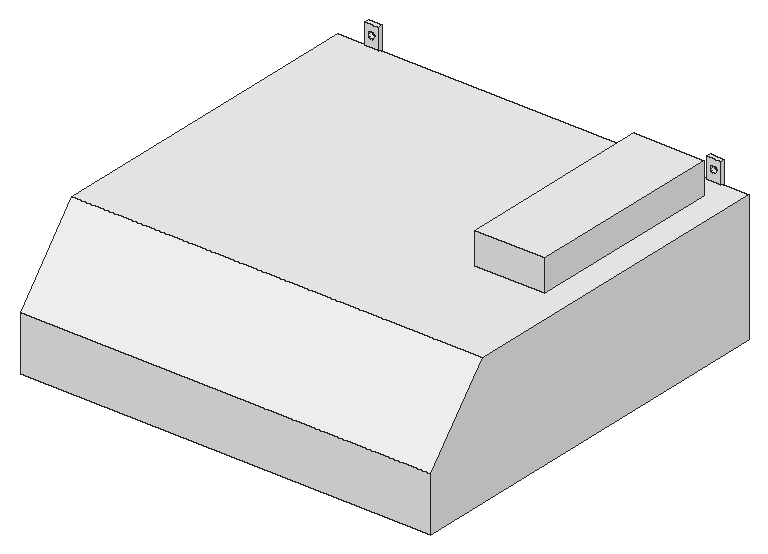
Revit family "v-316_317k7_kr7_kp7_50Hz", category 機械設備, Revit 2019
Family settings
  丸型コネクタ寸法 = 直径を使用
  パーツ タイプ = 標準
  OmniClass 番号 = 23.75.35.17.27
  OmniClass タイトル = Centrifugal Fans
  作業面ベース = いいえ
  常に垂直 = はい
  ロード時にボイドで切り取り = いいえ
  共有 = いいえ
  部屋計算ポイント = いいえ
Parameters (values of type "V-316K7")
  騒音レベル(dB(A)) = 46.5
  風量 = 590.0 m³/h
  電源種別 [instance] = ""
  電圧 = 100 V
  電動機出力 = 0 W
  電動機_種別 = ""
  集中コントローラ = ""
  運転質量 = 0.00 kg
  連動 [instance] = ""
  質量 = if(製品質量 > 運転質量, 製品質量, 運転質量) * 1.2  # 14.40 kg
  負荷分類 = 3_ファン類
  説明 = "レンジフードファン 浅形 標準タイプ"
  設計風量 = 0.0 m³/h
  設置方法 = "天吊"
  記号 [instance] = ""
  製造元 = "三菱電機株式会社"
  製品質量 = 12.00 kg
  製品出荷対象 = "国内"
  製品リリース年月 = "2022年6月1日"
  製品グループ = ""
  系統 [instance] = ""
  符号 = if(☑給気／□排気, "FS", "FE")  # "FE"
  積算_科目 = "2 換気設備"
  積算_拾い区分 [instance] = ""
  相 = 1
  盤記号 [instance] = ""
  発停方法 [instance] = ""
  特殊仕様 [instance] = ""
  火災停止 [instance] = ""
  消費電力 = 72 W
  法定耐用年数 = "15"
  機外静圧_排気 = 210.0 Pa
  機外静圧 = 0.0 Pa
  極数 = 2
  材質 [instance] = ""
  操作・制御方式 = ""
  操作・制御スイッチ = ""
  排気量 = 0.0 m³/h
  形式 = "片吸込形"
  幹線記号 [instance] = ""
  対象室 [instance] = ""
  実風量 = 0.0 m³/h
  始動方式 [instance] = "直入"
  天吊用穴_D2 = 336 mm
  天吊用穴_D1 = 15 mm
  天吊用穴_ピッチ = 250 mm
  外気量 = 0.0 m³/h
  呼称 = "遠心送風機"
  周波数 = 50 Hz
  取付金具_穴位置 = 16 mm
  取付金具_径 = 10 mm
  取付金具_ピッチ = 500 mm
  取付金具_H = 30 mm
  取付金具_Depth = 6 mm
  参照している仕様書等のバージョン = ""
  分類コード = "50052503100060"
  分類グループ = ""
  価格 = 61700
  企業コード = "108420"
  付属品_フィルター_還気 = ""
  付属品_フィルター = ""
  付属品 [instance] = ""
  仕様書バージョン = "Version1.0"
  モデル = "V-316K7"
  マテリアル = 鋼板(白)
  ファンの種類 = ""
  ダクト高 = 291 mm
  ダクト幅 = 102 mm
  コメント [instance] = ""
  Keynote = ""
  Assembly Code = ""
  ☑給気／□排気 = no
  Width = 600 mm
  W1 = Width / 2  # 300 mm
  Version = ""
  Uniclass2015Version = "Systems v1.9"
  Uniclass2015Title = "Centrifugal fans"
  Uniclass2015Code = "Pr_65_67_29_12"
  URL = "https://www.mitsubishielectric.co.jp/ldg/wink/ssl/displayProduct.do?pid=320496"
  SpecificationReference = ""
  SpecificationDescription = ""
  Revision = ""
  ProductInformation = ""
  OmniClassCode = "23-33 31 19 13 15"
  MIN風量 = 360.0 m³/h
  MIN静圧 = 0.0 Pa
  MID風量 = 0.0 m³/h
  MID静圧 = 0.0 Pa
  MAX風量 = 590.0 m³/h
  MAX静圧 = 0.0 Pa
  IfcTypeProduct = ""
  IfcProduct = ""
  IfcExportType = "CENTRIFUGALFORWARDCURVED"
  IfcExportAs = "IfcFanType"
  Height = 190 mm
  H1 = 110 mm
  EAダクト接続口_後部 = no
  EAダクト接続口_左 = no
  EAダクト接続口_右 = no
  EAダクト接続口_上部左 = no
  EAダクト接続口_上部右 = yes
  EAサイズ_W = 102 mm
  EAサイズ_D = 291 mm
  Duct_W = 210 mm
  Duct_Height = 46 mm
  Duct_H = 91 mm
  Duct_D = 178 mm
  Depth = 580 mm
  D1 = 95 mm
  Clearance Top = 0 mm
  Clearance Right = 0 mm
  Clearance Left = 0 mm
  Clearance Front = 0 mm
  Clearance Bottom = 0 mm
  Clearance Back = 0 mm
  Author = "三菱電機株式会社"
Types (4, lengths in mm): name | 騒音レベル(dB(A)) | 風量 | 質量 | 製品質量 | 消費電力 | 取付金具_ピッチ | 価格 | モデル | Width | W1 | URL | MIN風量 | MID風量 | MAX風量
  V-316K7 | 46.5 | 590.0 m³/h | 14.40 kg | 12.00 kg | 72 W | 500 | 61700 | "V-316K7" | 600 | 300 | "https://www.mitsubishielectric.co.jp/ldg/wink/ssl/displayProduct.do?pid=320496" | 360.0 m³/h | 0.0 m³/h | 590.0 m³/h
  V-316KR7 | 46.5 | 590.0 m³/h | 14.40 kg | 12.00 kg | 72 W | 500 | 72500 | "V-316KR7" | 600 | 300 | "https://www.mitsubishielectric.co.jp/ldg/wink/ssl/displayProduct.do?pid=320498" | 360.0 m³/h | 0.0 m³/h | 590.0 m³/h
  V-316KP7 | 52.5 | 755.0 m³/h | 15.60 kg | 13.00 kg | 99 W | 500 | 64800 | "V-316KP7" | 600 | 300 | "https://www.mitsubishielectric.co.jp/ldg/wink/ssl/displayProduct.do?pid=320497" | 375.0 m³/h | 610.0 m³/h | 755.0 m³/h
  V-317K7 | 46.5 | 590.0 m³/h | 15.60 kg | 13.00 kg | 72 W | 600 | 64200 | "V-317K7" | 700 | 350 | "https://www.mitsubishielectric.co.jp/ldg/wink/ssl/displayProduct.do?pid=320501" | 360.0 m³/h | 0.0 m³/h | 590.0 m³/h
Reference planes
  plane 1 "中心(正面/背面)": y = 0
  plane 2: z = 0
  plane 3 "中心(左/右)": x = 0
  plane 4: x = -300
  plane 5: x = 300
  plane 6: y = -580
  plane 7: z = -190
  plane 8: z = -110
  plane 9: z = 46
  plane 10: y = -290
  plane 11: y = -485
  plane 12: x = -210
  plane 13: x = 210
  plane 14: y = -178
  plane 15: x = -125
  plane 16: x = 125
  plane 17: y = -15
  plane 18: x = -150
  plane 19: x = 150
  plane 20: z = 30
  plane 21: z = 16
  plane 22: x = -250
  plane 23: x = -260
  plane 24: x = -240
  plane 25: x = 250
  plane 26: x = 260
  plane 27: x = 240
  plane 28: y = 6
  plane 29: x = 159
  plane 30: x = 261
  plane 31: y = -32.5
  plane 32: y = -323.5
  plane 33: x = -159
  plane 34: x = -261
  plane 35: x = -145.5
  plane 36: x = 145.5
  plane 37: z = -91
  plane 38: z = -142
  plane 39: z = -40
  plane 40: y = 46
  plane 41: x = 346
  plane 42: x = -346
  plane 43: y = -351
Forms (mm)
  Extrusion 1, solid, material "鋼板(白)" <- "マテリアル", detail levels fine
    sketch origin (0, 0, 0) x (1, 0, 0) y (0, 1, 0)
      loop
        line (-300, 0) -> (-300, -485) -> (300, -485) -> (300, 0) -> (-300, 0)
    from -190 to 0
  Blend 2, solid, material "鋼板(白)" <- "マテリアル", detail levels fine
    base sketch origin (0, 0, 0) x (1, 0, 0) y (0, 0, 1)
      loop
        line (-300, -190) -> (300, -190) -> (300, 0) -> (-300, 0) -> (-300, -190)
    top sketch origin (0, 0, 0) x (1, 0, 0) y (0, 0, 1)
      loop
        line (-300, -190) -> (300, -190) -> (300, -110) -> (-300, -110) -> (-300, -190)
    from 485 to 580
  Extrusion 3, solid, material "鋼板(白)" <- "マテリアル", visible <- "EAダクト接続口_上部右", detail levels fine
    sketch origin (0, 0, 0) x (1, 0, 0) y (0, 1, 0)
      loop
        line (159, -32.5) -> (159, -323.5) -> (261, -323.5) -> (261, -32.5) -> (159, -32.5)
    from 0 to 46
  Extrusion 4, solid, material "鋼板(白)" <- "マテリアル", visible <- "EAダクト接続口_上部左", detail levels fine
    sketch origin (0, 0, 0) x (1, 0, 0) y (0, 1, 0)
      loop
        line (-261, -32.5) -> (-261, -323.5) -> (-159, -323.5) -> (-159, -32.5) -> (-261, -32.5)
    from 0 to 46
  Extrusion 5, solid, material "鋼板(白)" <- "マテリアル"
    sketch origin (0, 0, 0) x (1, 0, 0) y (0, 0, 1)
      loop
        line (-260, 30) -> (-260, -190) -> (-240, -190) -> (-240, 30) -> (-260, 30)
      loop
        line (240, 30) -> (240, -190) -> (260, -190) -> (260, 30) -> (240, 30)
      loop
        circle (250, 16) r 5
      loop
        circle (-250, 16) r 5
    from -6 to 0
  Extrusion 6, solid, material "鋼板(白)" <- "マテリアル", visible <- "EAダクト接続口_後部"
    sketch origin (0, 0, 0) x (1, 0, 0) y (0, 0, 1)
      loop
        line (-145.5, -40) -> (-145.5, -142) -> (145.5, -142) -> (145.5, -40) -> (-145.5, -40)
    from -46 to 0
  Extrusion 7, solid, material "鋼板(白)" <- "マテリアル", visible <- "EAダクト接続口_左"
    sketch origin (0, 0, 0) x (0, 1, 0) y (0, 0, 1)
      loop
        line (-323.5, -142) -> (-32.5, -142) -> (-32.5, -40) -> (-323.5, -40) -> (-323.5, -142)
    from -346 to -300
  Extrusion 8, solid, material "鋼板(白)" <- "マテリアル", visible <- "EAダクト接続口_右"
    sketch origin (0, 0, 0) x (0, 1, 0) y (0, 0, 1)
      loop
        line (-323.5, -142) -> (-32.5, -142) -> (-32.5, -40) -> (-323.5, -40) -> (-323.5, -142)
    from 300 to 346
Cuts and joins
  joined: Extrusion 1, Blend 2
Lines and regions (mm)
  Masking region 1, detail levels coarse+medium
    outline origin (1326.5, 29, 0) x (1, 0, 0) y (0, 1, 0)
      loop
        line (-1626.5, -29) -> (-1626.5, -609) -> (-1026.5, -609) -> (-1026.5, -29) -> (-1626.5, -29)
  symbolic lines, detail levels coarse+medium
    curve 1: circle (-150, -290, 0) r 150 normal (0, 0, 1)
    curve 2: circle (150, -290, 0) r 150 normal (0, 0, 1)
Dimensions and locks
  equal spacing: plane 4, plane 3 "中心(左/右)", plane 5
  "Width": plane 4 to plane 5
  equal spacing: plane 6, plane 10, plane 1 "中心(正面/背面)"
  "Depth": plane 1 "中心(正面/背面)" to plane 6
  equal spacing: plane 12, plane 3 "中心(左/右)", plane 13
  "Duct_D": plane 1 "中心(正面/背面)" to plane 14
  "Height": level to plane 7
  "Duct_Height": plane 9 to level
  equal spacing: plane 15, plane 3 "中心(左/右)", plane 16
  "天吊用穴_ピッチ": plane 15 to plane 16
  "天吊用穴_D1": plane 1 "中心(正面/背面)" to plane 17
  equal spacing: plane 4, plane 18, plane 3 "中心(左/右)"
  equal spacing: plane 3 "中心(左/右)", plane 19, plane 5
  "D1": plane 11 to plane 6
  "H1": level to plane 8
  "取付金具_H": plane 20 to level
  "取付金具_穴位置": plane 21 to level
  equal spacing: plane 24, plane 22, plane 23
  locked: plane 24 to plane 23 at 20
  equal spacing: plane 27, plane 25, plane 26
  locked: plane 27 to plane 26 at 20
  equal spacing: plane 25, plane 3 "中心(左/右)", plane 22
  "取付金具_ピッチ": plane 25 to plane 22
  "取付金具_Depth": plane 28 to plane 1 "中心(正面/背面)"
  equal spacing: plane 29, plane 13, plane 30
  "EAサイズ_W": plane 29 to plane 30
  equal spacing: plane 31, plane 14, plane 32
  "EAサイズ_D": plane 31 to plane 32
  "EAサイズ_W": plane 33 to plane 34
  equal spacing: plane 34, plane 12, plane 33
  "Duct_W": plane 12 to plane 3 "中心(左/右)"
  equal spacing: plane 39, plane 37, plane 38
  "EAサイズ_W": plane 39 to plane 38
  "Duct_H": level to plane 37
  equal spacing: plane 36, plane 3 "中心(左/右)", plane 35
  "EAサイズ_D": plane 36 to plane 35
  "Duct_Height": plane 1 "中心(正面/背面)" to plane 40
  "Duct_Height": plane 42 to plane 4
  "Duct_Height": plane 5 to plane 41
  "天吊用穴_D2": plane 17 to plane 43
  "W1": diameter of curve 1
  "W1": diameter of curve 2
  "取付金具_径": diameter of Extrusion 5 sketch curve  (x2)
  aligned and locked: level to plane 2
  aligned and locked: Masking region 1 to plane 4
  aligned and locked: plane 5 to Masking region 1
  aligned and locked: Masking region 1 to plane 6
  aligned and locked: Masking region 1 to plane 1 "中心(正面/背面)"
  aligned and locked: plane 1 "中心(正面/背面)" to Extrusion 1 sketch curve
  aligned and locked: plane 4 to Extrusion 1 sketch curve
  aligned and locked: plane 11 to Extrusion 1 sketch curve
  aligned and locked: Extrusion 1 sketch curve to plane 5
  aligned and locked: Blend 2 sketch curve to plane 7  (x2)
  aligned and locked: level to Blend 2 sketch curve
  aligned and locked: plane 5 to Blend 2 sketch curve
  aligned and locked: Blend 2 sketch curve to plane 4
  aligned and locked: var sketch to Blend 2 sketch curve
  aligned and locked: Extrusion 1 to plane 7
  aligned and locked: level to Extrusion 1
  aligned and locked: Blend 2 to plane 6
  aligned and locked: plane 11 to Blend 2
  aligned and locked: plane 9 to Extrusion 3
  aligned and locked: Extrusion 3 to level
  aligned and locked: plane 9 to Extrusion 4
  aligned and locked: Extrusion 4 to level
  aligned and locked: plane 8 to Blend 2 sketch curve
  aligned and locked: Extrusion 5 sketch curve to plane 20  (x2)
  aligned and locked: plane 23 to Extrusion 5 sketch curve
  aligned and locked: plane 24 to Extrusion 5 sketch curve
  aligned and locked: plane 7 to Extrusion 5 sketch curve  (x2)
  aligned and locked: plane 27 to Extrusion 5 sketch curve
  aligned and locked: plane 26 to Extrusion 5 sketch curve
  aligned and locked: plane 28 to Extrusion 5
  aligned and locked: plane 1 "中心(正面/背面)" to Extrusion 5
  aligned and locked: Extrusion 3 sketch curve to plane 31
  aligned and locked: plane 29 to Extrusion 3 sketch curve
  aligned and locked: Extrusion 3 sketch curve to plane 32
  aligned and locked: plane 30 to Extrusion 3 sketch curve
  aligned and locked: Extrusion 4 sketch curve to plane 31
  aligned and locked: Extrusion 4 sketch curve to plane 32
  aligned and locked: plane 33 to Extrusion 4 sketch curve
  aligned and locked: plane 34 to Extrusion 4 sketch curve
  aligned and locked: Extrusion 6 sketch curve to plane 39
  aligned and locked: plane 35 to Extrusion 6 sketch curve
  aligned and locked: plane 38 to Extrusion 6 sketch curve
  aligned and locked: Extrusion 6 sketch curve to plane 36
  aligned and locked: Extrusion 6 to plane 40
  aligned and locked: plane 1 "中心(正面/背面)" to Extrusion 6
  aligned and locked: Extrusion 7 sketch curve to plane 38
  aligned and locked: plane 32 to Extrusion 7 sketch curve
  aligned and locked: plane 31 to Extrusion 7 sketch curve
  aligned and locked: Extrusion 8 sketch curve to plane 38
  aligned and locked: plane 32 to Extrusion 8 sketch curve
  aligned and locked: plane 39 to Extrusion 8 sketch curve
  aligned and locked: plane 31 to Extrusion 8 sketch curve
  aligned and locked: plane 41 to Extrusion 8
  aligned and locked: Extrusion 8 to plane 5
  aligned and locked: plane 42 to Extrusion 7
  aligned and locked: plane 4 to Extrusion 7
  aligned and locked: plane 15 to nested 1
  aligned and locked: plane 16 to nested 1
  aligned and locked: plane 17 to nested 1
  aligned and locked: nested 1 to plane 43
Automatic sketch dimensions
  curve 1 to plane 10 = 0 mm
  curve 1 to plane 18 = 0 mm
  curve 2 to plane 10 = 0 mm
  curve 2 to plane 19 = 0 mm
  Extrusion 5 sketch curve to plane 21 = 0 mm  (x2)
  Extrusion 5 sketch curve to plane 22 = 0 mm
  plane 25 to Extrusion 5 sketch curve = 0 mm
  Masking region 1 sketch curve to plane 4 = 0 mm
  Masking region 1 sketch curve to plane 5 = 0 mm
  Masking region 1 sketch curve to plane 6 = 0 mm
  plane 1 "中心(正面/背面)" to Masking region 1 sketch curve = 0 mm
  Blend 2 sketch curve to plane 4 = 0 mm
  Extrusion 4 sketch curve to plane 31 = 0 mm
  Extrusion 7 sketch curve to plane 39 = 0 mm
Nested families
  nested 1: "固定点" at (-125, -351, 0), type "固定点"
    with W 250 mm, D 336 mm
Connectors
  hvac at (210, -178, 46), driven by "ダクト幅", driven by "機外静圧", driven by "風量", driven by "ダクト高", driven by "ダクト幅"
    settings: on Extrusion 3, index 1, duct flow 590.0 m³/h, flow factor 0, pres drop 0.0 Pa, loss coef 0, conn angle 0.00°, conn width 102 mm, conn height 291 mm, conn diameter 102 mm, duct sys type 3, conn prof type 1, flow config 0, flow direction 2, loss method 4, conn ref index -1, conn util no, is conn primary yes, conn desc ""
  hvac at (-210, -178, 46), driven by "ダクト幅", driven by "機外静圧", driven by "風量", driven by "ダクト高", driven by "ダクト幅"
    settings: on Extrusion 4, index 2, duct flow 590.0 m³/h, flow factor 0, pres drop 0.0 Pa, loss coef 0, conn angle 0.00°, conn width 102 mm, conn height 291 mm, conn diameter 102 mm, duct sys type 3, conn prof type 1, flow config 0, flow direction 2, loss method 4, conn ref index -1, conn util no, is conn primary no, conn desc ""
  electrical at (0, -242.5, 0), driven by "極数", driven by "負荷分類", driven by "電圧", driven by "消費電力"
    settings: on cut or joined group of Extrusion 1, Blend 2, index 3, voltage 100 V, apparent load 72 VA, apparent load phase1 0 VA, apparent load phase2 0 VA, apparent load phase3 0 VA, power factor 1, load classification "3_ファン類", number of poles 2, system type 30, power factor state 1, is connector primary yes, connector utility no, sub classification motor no, connector description ""
  hvac at (346, -178, -91), driven by "ダクト幅", driven by "ダクト高", driven by "機外静圧", driven by "風量"
    settings: on Extrusion 8, index 4, duct flow 590.0 m³/h, flow factor 0, pres drop 0.0 Pa, loss coef 0, conn angle 0.00°, conn width 291 mm, conn height 102 mm, conn diameter 609.6 mm, duct sys type 3, conn prof type 1, flow config 0, flow direction 2, loss method 4, conn ref index -1, conn util no, is conn primary no, conn desc ""
  hvac at (0, 46, -91), driven by "ダクト幅", driven by "ダクト高", driven by "機外静圧", driven by "風量"
    settings: on Extrusion 6, index 5, duct flow 590.0 m³/h, flow factor 0, pres drop 0.0 Pa, loss coef 0, conn angle 0.00°, conn width 291 mm, conn height 102 mm, conn diameter 609.6 mm, duct sys type 3, conn prof type 1, flow config 0, flow direction 2, loss method 4, conn ref index -1, conn util no, is conn primary no, conn desc ""
  hvac at (-346, -178, -91), driven by "ダクト幅", driven by "ダクト高", driven by "機外静圧", driven by "風量"
    settings: on Extrusion 7, index 6, duct flow 590.0 m³/h, flow factor 0, pres drop 0.0 Pa, loss coef 0, conn angle 0.00°, conn width 291 mm, conn height 102 mm, conn diameter 609.6 mm, duct sys type 3, conn prof type 1, flow config 0, flow direction 2, loss method 4, conn ref index -1, conn util no, is conn primary no, conn desc ""
Definition of nested family "固定点"
  Parameters (values of type "固定点")
    中心円 = 20 mm
    W [instance] = 1000 mm
    D [instance] = 1000 mm
  Reference planes
    plane 1 "中心(正面/背面)": y = 0
    plane 2: z = 0
    plane 3 "中心(左/右)": x = 0
    plane 4: x = 1000
    plane 5: y = 1000
  Lines and regions (mm)
    symbolic lines, detail levels fine
      curve 1: circle (0, 1000, 0) r 10 normal (0, 0, 1)
      curve 2: circle (0, 0, 0) r 10 normal (0, 0, 1)
      curve 3: circle (1000, 1000, 0) r 10 normal (0, 0, 1)
      curve 4: circle (1000, 0, 0) r 10 normal (0, 0, 1)
      curve 5: line (-200, 1000, 0) -> (1200, 1000, 0)
      curve 6: line (-200, 0, 0) -> (1200, 0, 0)
      curve 7: line (0, 1200, 0) -> (0, -200, 0)
      curve 8: line (1000, 1200, 0) -> (1000, -200, 0)
  Dimensions and locks
    "W": plane 3 "中心(左/右)" to plane 4
    "D": plane 1 "中心(正面/背面)" to plane 5
    "中心円": diameter of curve 1
    "中心円": diameter of curve 2
    "中心円": diameter of curve 3
    "中心円": diameter of curve 4
    aligned and locked: level to plane 2
    aligned and locked: plane 5 to curve 1
    aligned and locked: plane 3 "中心(左/右)" to curve 1
    aligned and locked: plane 3 "中心(左/右)" to curve 2
    aligned and locked: plane 1 "中心(正面/背面)" to curve 2
    aligned and locked: plane 4 to curve 3
    aligned and locked: plane 5 to curve 3
    aligned and locked: plane 1 "中心(正面/背面)" to curve 4
    aligned and locked: plane 4 to curve 4
    aligned and locked: plane 1 "中心(正面/背面)" to curve 6
    aligned and locked: curve 7 to plane 3 "中心(左/右)"
    aligned and locked: curve 8 to plane 4
  Automatic sketch dimensions
    curve 5 to plane 5 = 0 mm
    curve 6 to plane 3 "中心(左/右)" = 200 mm
    curve 5 to plane 3 "中心(左/右)" = 200 mm
    curve 4 to curve 6 = 200 mm
    curve 3 to curve 5 = 200 mm
    plane 1 "中心(正面/背面)" to curve 8 = 200 mm
    plane 1 "中心(正面/背面)" to curve 7 = 200 mm
    curve 3 to curve 8 = 200 mm
    curve 1 to curve 7 = 200 mm
